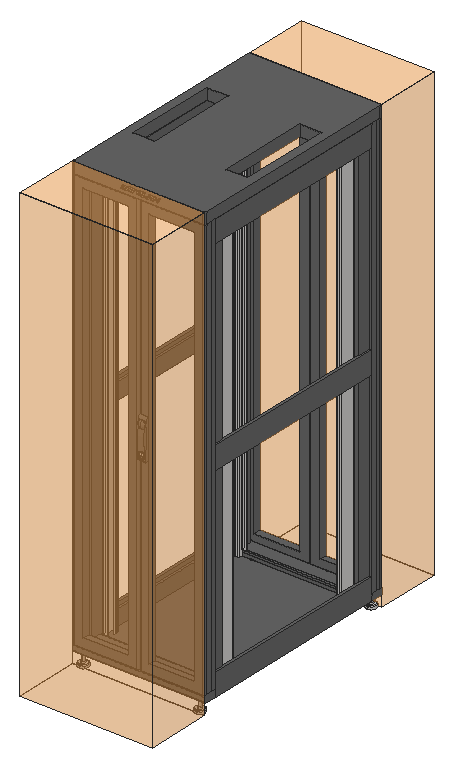
Revit family "Eurolan_Шкафы Rackcenter D9000", category Электрооборудование, Revit 2019 (continued)
Definition of nested family "in_Дверь_перфорированная_двойная"
  Definition of nested family "in_Дверь_Соты_600"
    Automatic sketch dimensions
      curve 674 to curve 688 = 0.000 mm
      curve 557 to curve 556 = 8.660 mm
      curve 653 to curve 652 = 8.660 mm
      curve 637 to curve 652 = 0.000 mm
      curve 602 to curve 602 = 8.660 mm
      curve 641 to curve 625 = 0.000 mm
      curve 545 to curve 545 = 8.660 mm
      curve 604 to curve 589 = 0.000 mm
      curve 542 to curve 556 = 0.000 mm
      curve 554 to curve 553 = 8.660 mm
      curve 569 to curve 553 = 0.000 mm
      curve 617 to curve 601 = 0.000 mm
      curve 566 to curve 580 = 0.000 mm
      curve 614 to curve 628 = 0.000 mm
      curve 640 to curve 645 = 0.866 mm
      curve 556 to curve 564 = 0.866 mm
      curve 604 to curve 612 = 0.866 mm
      curve 652 to curve 657 = 0.866 mm
      curve 676 to curve 663 = 0.866 mm
      curve 568 to curve 573 = 0.866 mm
      curve 628 to curve 633 = 0.866 mm
      curve 685 to curve 696 = 0.866 mm  (x2)
      curve 544 to curve 552 = 0.866 mm
      curve 592 to curve 600 = 0.866 mm
      curve 601 to curve 621 = 0.866 mm
      curve 580 to curve 585 = 0.866 mm
      curve 688 to curve 684 = 0.866 mm
      curve 592 to curve 592 = 4.330 mm
      curve 676 to curve 676 = 4.330 mm
      curve 628 to curve 625 = 4.330 mm
      curve 652 to curve 649 = 4.330 mm
      curve 688 to curve 685 = 4.330 mm
      curve 577 to curve 580 = 4.330 mm
      curve 604 to curve 601 = 4.330 mm
      curve 544 to curve 544 = 4.330 mm
      curve 556 to curve 553 = 4.330 mm
      curve 640 to curve 640 = 4.330 mm
      curve 613 to curve 616 = 4.330 mm
      curve 565 to curve 568 = 4.330 mm
      curve 613 to curve 636 = 0.866 mm
      curve 541 to curve 564 = 0.866 mm
      curve 565 to curve 572 = 0.866 mm
      curve 625 to curve 633 = 0.866 mm
      curve 553 to curve 575 = 0.866 mm
      curve 693 to curve 693 = 4.330 mm
      curve 637 to curve 644 = 0.866 mm
      curve 601 to curve 624 = 0.866 mm
      curve 577 to curve 584 = 0.866 mm
      curve 647 to curve 632 = 0.000 mm
      curve 587 to curve 572 = 0.000 mm
      curve 673 to curve 684 = 0.866 mm
      curve 621 to curve 635 = 0.000 mm
      curve 685 to curve 681 = 0.866 mm
      curve 541 to curve 548 = 0.866 mm
      curve 553 to curve 561 = 0.866 mm
      curve 589 to curve 612 = 0.866 mm
      curve 589 to curve 596 = 0.866 mm
      curve 577 to curve 599 = 0.866 mm
      curve 649 to curve 656 = 0.866 mm
      curve 549 to curve 551 = 4.330 mm
      curve 659 to curve 644 = 0.000 mm
      curve 608 to curve 623 = 0.000 mm
      curve 666 to curve 656 = 0.000 mm
      curve 673 to curve 662 = 0.866 mm
      curve 620 to curve 620 = 8.660 mm
      curve 665 to curve 664 = 8.660 mm
      curve 572 to curve 571 = 8.660 mm
      curve 662 to curve 662 = 8.660 mm
      curve 608 to curve 608 = 8.660 mm
      curve 634 to curve 619 = 0.000 mm
      curve 611 to curve 610 = 8.660 mm
      curve 659 to curve 659 = 8.660 mm
      curve 632 to curve 632 = 8.660 mm
      curve 551 to curve 551 = 8.660 mm
      curve 575 to curve 574 = 8.660 mm
      curve 656 to curve 664 = 0.000 mm
      curve 599 to curve 599 = 8.660 mm
      curve 596 to curve 610 = 0.000 mm
      curve 695 to curve 695 = 8.660 mm
      curve 560 to curve 574 = 0.000 mm
      curve 643 to curve 658 = 0.000 mm
      curve 679 to curve 694 = 0.000 mm
      curve 563 to curve 562 = 8.660 mm
      curve 692 to curve 692 = 8.660 mm
      curve 682 to curve 661 = 0.000 mm
      curve 622 to curve 607 = 0.000 mm
      curve 587 to curve 571 = 0.000 mm
      curve 547 to curve 562 = 0.000 mm
      curve 647 to curve 631 = 0.000 mm
      curve 584 to curve 598 = 0.000 mm
      curve 583 to curve 586 = 4.330 mm
      curve 619 to curve 622 = 4.330 mm
      curve 691 to curve 691 = 4.330 mm
      curve 661 to curve 664 = 4.330 mm
      curve 679 to curve 682 = 4.330 mm
      curve 646 to curve 646 = 4.330 mm
      curve 562 to curve 562 = 4.330 mm
      curve 595 to curve 595 = 4.330 mm
      curve 634 to curve 631 = 4.330 mm
      curve 550 to curve 547 = 4.330 mm
      curve 658 to curve 655 = 4.330 mm
      curve 571 to curve 574 = 4.330 mm
      curve 607 to curve 607 = 4.330 mm
      curve 570 to curve 487 = 0.500 mm
      curve 487 to curve 554 = 0.866 mm
      curve 487 to curve 570 = 0.866 mm
      curve 464 to curve 469 = 0.000 mm
      curve 470 to curve 471 = 7.500 mm
      curve 469 to curve 472 = 7.500 mm  (x2)
      curve 463 to curve 463 = 7.500 mm
      curve 464 to curve 468 = 7.500 mm
      curve 465 to curve 458 = 0.500 mm
      curve 463 to curve 466 = 7.500 mm
      curve 467 to curve 460 = 0.500 mm
      curve 472 to curve 462 = 0.500 mm
      curve 459 to curve 440 = 0.500 mm
      curve 466 to curve 451 = 1.000 mm
      curve 457 to curve 461 = 7.500 mm
      curve 451 to curve 454 = 7.500 mm
      curve 461 to curve 439 = 0.500 mm
      curve 440 to curve 441 = 7.500 mm
      curve 460 to curve 456 = 0.500 mm
      curve 460 to curve 445 = 1.000 mm
      curve 439 to curve 442 = 7.500 mm
      curve 451 to curve 455 = 7.500 mm
      curve 455 to curve 448 = 0.500 mm
      curve 442 to curve 450 = 0.500 mm
      curve 443 to curve 309 = 1.000 mm
      curve 445 to curve 435 = 0.500 mm
      curve 447 to curve 449 = 7.500 mm
      curve 433 to curve 433 = 7.500 mm
      curve 448 to curve 438 = 0.500 mm
      curve 308 to curve 309 = 7.500 mm
      curve 449 to curve 310 = 0.500 mm
      curve 435 to curve 421 = 0.500 mm
      curve 435 to curve 437 = 7.500 mm
      curve 309 to curve 312 = 7.500 mm
      curve 437 to curve 424 = 0.500 mm
      curve 310 to curve 423 = 0.500 mm
      curve 436 to curve 427 = 1.000 mm
      curve 311 to curve 303 = 1.000 mm
      curve 421 to curve 424 = 7.500 mm
      curve 427 to curve 430 = 7.500 mm
      curve 302 to curve 306 = 7.500 mm
      curve 425 to curve 304 = 0.500 mm
      curve 424 to curve 429 = 0.500 mm
      curve 424 to curve 410 = 1.000 mm
      curve 427 to curve 431 = 7.500 mm
      curve 303 to curve 306 = 7.500 mm
      curve 431 to curve 409 = 0.500 mm
      curve 304 to curve 414 = 0.500 mm
      curve 305 to curve 297 = 1.000 mm
      curve 431 to curve 417 = 1.000 mm
      curve 411 to curve 414 = 7.500 mm
      curve 296 to curve 300 = 7.500 mm
      curve 415 to curve 418 = 7.500 mm
      curve 412 to curve 420 = 0.500 mm
      curve 413 to curve 298 = 0.500 mm
      curve 295 to curve 399 = 0.500 mm
      curve 417 to curve 419 = 7.500 mm
      curve 295 to curve 298 = 7.500 mm
      curve 419 to curve 397 = 0.500 mm
      curve 298 to curve 399 = 0.500 mm
      curve 419 to curve 405 = 1.000 mm
      curve 299 to curve 291 = 1.000 mm
      curve 397 to curve 401 = 7.500 mm
      curve 400 to curve 408 = 0.500 mm
      curve 290 to curve 294 = 7.500 mm
      curve 401 to curve 289 = 0.500 mm
      curve 403 to curve 406 = 7.500 mm  (x2)
      curve 289 to curve 387 = 0.500 mm
      curve 289 to curve 292 = 7.500 mm
      curve 407 to curve 388 = 0.500 mm
      curve 292 to curve 387 = 0.500 mm
      curve 387 to curve 283 = 0.500 mm
      curve 406 to curve 391 = 1.000 mm
      curve 387 to curve 389 = 7.500 mm
      curve 284 to curve 285 = 7.500 mm
      curve 389 to curve 283 = 0.500 mm
      curve 391 to curve 394 = 7.500 mm
      curve 388 to curve 393 = 0.500 mm
      curve 283 to curve 374 = 0.500 mm
      curve 393 to curve 396 = 7.500 mm
      curve 285 to curve 287 = 7.500 mm
      curve 286 to curve 375 = 0.500 mm
      curve 395 to curve 373 = 0.500 mm
      curve 395 to curve 380 = 1.000 mm
      curve 287 to curve 279 = 1.000 mm
      curve 373 to curve 377 = 7.500 mm
      curve 377 to curve 277 = 0.500 mm
      curve 278 to curve 282 = 7.500 mm
      curve 376 to curve 384 = 0.500 mm
      curve 379 to curve 382 = 7.500 mm
      curve 376 to curve 362 = 1.000 mm
      curve 381 to curve 383 = 7.500 mm
      curve 277 to curve 281 = 7.500 mm
      curve 383 to curve 364 = 0.500 mm
      curve 280 to curve 366 = 0.500 mm
      curve 281 to curve 272 = 1.000 mm
      curve 382 to curve 368 = 1.000 mm
      curve 361 to curve 364 = 7.500 mm
      curve 367 to curve 367 = 7.500 mm
      curve 364 to curve 369 = 0.500 mm
      curve 272 to curve 273 = 7.500 mm
      curve 365 to curve 271 = 0.500 mm
      curve 271 to curve 351 = 0.500 mm
      curve 271 to curve 275 = 7.500 mm
      curve 367 to curve 370 = 7.500 mm
      curve 371 to curve 352 = 0.500 mm
      curve 274 to curve 354 = 0.500 mm
      curve 370 to curve 355 = 1.000 mm
      curve 351 to curve 265 = 0.500 mm
      curve 349 to curve 353 = 7.500 mm
      curve 355 to curve 355 = 7.500 mm
      curve 266 to curve 270 = 7.500 mm
      curve 352 to curve 360 = 0.500 mm
      curve 353 to curve 265 = 0.500 mm
      curve 352 to curve 337 = 1.000 mm
      curve 265 to curve 269 = 7.500 mm
      curve 355 to curve 359 = 7.500 mm
      curve 359 to curve 340 = 0.500 mm
      curve 268 to curve 339 = 0.500 mm
      curve 339 to curve 260 = 0.500 mm
      curve 337 to curve 345 = 0.500 mm
      curve 337 to curve 341 = 7.500 mm
      curve 340 to curve 345 = 0.500 mm
      curve 260 to curve 264 = 7.500 mm
      curve 343 to curve 346 = 7.500 mm
      curve 341 to curve 326 = 1.000 mm
      curve 261 to curve 264 = 7.500 mm
      curve 345 to curve 348 = 7.500 mm
      curve 262 to curve 330 = 0.500 mm
      curve 347 to curve 328 = 0.500 mm
      curve 325 to curve 333 = 0.500 mm
      curve 263 to curve 255 = 1.000 mm
      curve 325 to curve 328 = 7.500 mm
      curve 329 to curve 256 = 0.500 mm
      curve 254 to curve 255 = 7.500 mm
      curve 328 to curve 333 = 0.500 mm
      curve 331 to curve 334 = 7.500 mm
      curve 253 to curve 314 = 0.500 mm
      curve 255 to curve 257 = 7.500 mm
      curve 333 to curve 336 = 7.500 mm
      curve 335 to curve 316 = 0.500 mm
      curve 256 to curve 315 = 0.500 mm
      curve 315 to curve 248 = 0.500 mm
      curve 334 to curve 319 = 1.000 mm
      curve 313 to curve 316 = 7.500 mm
      curve 319 to curve 322 = 7.500 mm  (x2)
      curve 316 to curve 321 = 0.500 mm
      curve 248 to curve 249 = 7.500 mm
      curve 317 to curve 247 = 0.500 mm
      curve 249 to curve 251 = 7.500 mm
      curve 282 to curve 285 = 0.000 mm
      curve 444 to curve 285 = 0.000 mm
      curve 291 to curve 285 = 0.000 mm
      curve 249 to curve 279 = 0.000 mm
      curve 276 to curve 279 = 0.000 mm
      curve 297 to curve 291 = 0.000 mm
      curve 471 to curve 441 = 0.000 mm
      curve 270 to curve 273 = 0.000 mm
      curve 303 to curve 297 = 0.000 mm
      curve 255 to curve 249 = 0.000 mm
      curve 264 to curve 255 = 0.000 mm
      curve 309 to curve 441 = 0.000 mm
      curve 441 to curve 440 = 4.330 mm
      curve 261 to curve 260 = 4.330 mm
      curve 255 to curve 258 = 4.330 mm
      curve 309 to curve 309 = 4.330 mm
      curve 261 to curve 263 = 4.330 mm
      curve 309 to curve 312 = 4.330 mm
      curve 303 to curve 306 = 4.330 mm
      curve 473 to curve 440 = 0.000 mm
      curve 267 to curve 266 = 4.330 mm
      curve 255 to curve 263 = 0.000 mm
      curve 303 to curve 311 = 0.000 mm
      curve 269 to curve 260 = 0.000 mm
      curve 471 to curve 471 = 4.330 mm
      curve 297 to curve 300 = 4.330 mm
      curve 249 to curve 252 = 4.330 mm
      curve 273 to curve 272 = 4.330 mm
      curve 297 to curve 305 = 0.000 mm
      curve 275 to curve 266 = 0.000 mm
      curve 291 to curve 294 = 4.330 mm
      curve 444 to curve 308 = 0.000 mm
      curve 279 to curve 278 = 4.330 mm
      curve 249 to curve 257 = 0.000 mm
      curve 291 to curve 299 = 0.000 mm
      curve 281 to curve 272 = 0.000 mm
      curve 288 to curve 278 = 0.000 mm
      curve 284 to curve 293 = 0.000 mm
      curve 305 to curve 305 = 8.660 mm
      curve 287 to curve 286 = 8.660 mm
      curve 284 to curve 284 = 8.660 mm
      curve 443 to curve 443 = 8.660 mm
      curve 248 to curve 247 = 8.660 mm
      curve 290 to curve 289 = 8.660 mm
      curve 281 to curve 281 = 8.660 mm
      curve 251 to curve 250 = 8.660 mm
      curve 292 to curve 283 = 0.000 mm
      curve 278 to curve 286 = 0.000 mm
      curve 470 to curve 469 = 8.660 mm
      curve 295 to curve 304 = 0.000 mm
      curve 275 to curve 275 = 8.660 mm
      curve 254 to curve 253 = 8.660 mm
      curve 298 to curve 289 = 0.000 mm
      curve 272 to curve 280 = 0.000 mm
      curve 473 to curve 472 = 8.660 mm
      curve 302 to curve 301 = 8.660 mm
      curve 269 to curve 269 = 8.660 mm
      curve 439 to curve 472 = 0.000 mm
      curve 266 to curve 274 = 0.000 mm
      curve 256 to curve 247 = 0.000 mm
      curve 307 to curve 442 = 0.000 mm
      curve 263 to curve 253 = 0.000 mm
      curve 260 to curve 268 = 0.000 mm
      curve 310 to curve 301 = 0.000 mm
      curve 271 to curve 363 = 0.866 mm
      curve 277 to curve 375 = 0.866 mm
      curve 265 to curve 354 = 0.866 mm
      curve 253 to curve 327 = 0.866 mm
      curve 247 to curve 315 = 0.866 mm
      curve 283 to curve 387 = 0.866 mm
      curve 301 to curve 426 = 0.866 mm
      curve 289 to curve 399 = 0.866 mm
      curve 259 to curve 339 = 0.866 mm
      curve 439 to curve 462 = 0.866 mm  (x2)
      curve 307 to curve 450 = 0.866 mm
      curve 295 to curve 414 = 0.866 mm  (x2)
      curve 469 to curve 469 = 4.330 mm
      curve 310 to curve 310 = 4.330 mm
      curve 304 to curve 304 = 4.330 mm
      curve 439 to curve 439 = 4.330 mm
      curve 298 to curve 298 = 4.330 mm
      curve 289 to curve 289 = 4.330 mm
      curve 283 to curve 286 = 4.330 mm
      curve 277 to curve 280 = 4.330 mm
      curve 274 to curve 274 = 4.330 mm
      curve 265 to curve 268 = 4.330 mm
      curve 250 to curve 247 = 4.330 mm
      curve 253 to curve 256 = 4.330 mm
      curve 289 to curve 386 = 0.866 mm
      curve 301 to curve 425 = 0.866 mm
      curve 265 to curve 338 = 0.866 mm
      curve 301 to curve 410 = 0.866 mm
      curve 327 to curve 327 = 4.330 mm
      curve 253 to curve 329 = 0.866 mm
      curve 277 to curve 378 = 0.866 mm
      curve 283 to curve 389 = 0.866 mm
      curve 253 to curve 314 = 0.866 mm
      curve 283 to curve 375 = 0.866 mm
      curve 247 to curve 317 = 0.866 mm
      curve 307 to curve 423 = 0.866 mm
      curve 439 to curve 446 = 0.866 mm
      curve 271 to curve 350 = 0.866 mm
      curve 289 to curve 402 = 0.866 mm
      curve 271 to curve 366 = 0.866 mm
      curve 265 to curve 353 = 0.866 mm
      curve 307 to curve 449 = 0.866 mm
      curve 277 to curve 363 = 0.866 mm
      curve 469 to curve 459 = 0.866 mm
      curve 295 to curve 398 = 0.866 mm
      curve 401 to curve 400 = 8.660 mm
      curve 362 to curve 361 = 8.660 mm
      curve 458 to curve 457 = 8.660 mm
      curve 398 to curve 398 = 8.660 mm
      curve 365 to curve 364 = 8.660 mm
      curve 461 to curve 460 = 8.660 mm
      curve 353 to curve 353 = 8.660 mm
      curve 449 to curve 449 = 8.660 mm
      curve 421 to curve 448 = 0.000 mm
      curve 350 to curve 364 = 0.000 mm
      curve 446 to curve 460 = 0.000 mm
      curve 329 to curve 328 = 8.660 mm
      curve 425 to curve 424 = 8.660 mm
      curve 409 to curve 424 = 0.000 mm
      curve 374 to curve 374 = 8.660 mm
      curve 413 to curve 397 = 0.000 mm
      curve 317 to curve 317 = 8.660 mm
      curve 376 to curve 361 = 0.000 mm
      curve 314 to curve 328 = 0.000 mm
      curve 326 to curve 325 = 8.660 mm
      curve 341 to curve 325 = 0.000 mm
      curve 389 to curve 373 = 0.000 mm
      curve 338 to curve 352 = 0.000 mm
      curve 386 to curve 400 = 0.000 mm
      curve 412 to curve 417 = 0.866 mm
      curve 328 to curve 336 = 0.866 mm
      curve 376 to curve 384 = 0.866 mm
      curve 424 to curve 429 = 0.866 mm
      curve 448 to curve 435 = 0.866 mm
      curve 340 to curve 345 = 0.866 mm
      curve 400 to curve 405 = 0.866 mm
      curve 457 to curve 468 = 0.866 mm  (x2)
      curve 316 to curve 324 = 0.866 mm
      curve 364 to curve 372 = 0.866 mm
      curve 373 to curve 393 = 0.866 mm
      curve 352 to curve 357 = 0.866 mm
      curve 460 to curve 456 = 0.866 mm
      curve 364 to curve 364 = 4.330 mm
      curve 448 to curve 448 = 4.330 mm
      curve 400 to curve 397 = 4.330 mm
      curve 424 to curve 421 = 4.330 mm
      curve 460 to curve 457 = 4.330 mm
      curve 349 to curve 352 = 4.330 mm
      curve 376 to curve 373 = 4.330 mm
      curve 316 to curve 316 = 4.330 mm
      curve 328 to curve 325 = 4.330 mm
      curve 412 to curve 412 = 4.330 mm
      curve 385 to curve 388 = 4.330 mm
      curve 337 to curve 340 = 4.330 mm
      curve 385 to curve 408 = 0.866 mm
      curve 313 to curve 336 = 0.866 mm
      curve 337 to curve 344 = 0.866 mm
      curve 397 to curve 405 = 0.866 mm
      curve 325 to curve 347 = 0.866 mm
      curve 465 to curve 465 = 4.330 mm
      curve 409 to curve 416 = 0.866 mm
      curve 373 to curve 396 = 0.866 mm
      curve 349 to curve 356 = 0.866 mm
      curve 419 to curve 404 = 0.000 mm
      curve 359 to curve 344 = 0.000 mm
      curve 445 to curve 456 = 0.866 mm
      curve 393 to curve 407 = 0.000 mm
      curve 457 to curve 453 = 0.866 mm
      curve 313 to curve 320 = 0.866 mm
      curve 325 to curve 333 = 0.866 mm
      curve 361 to curve 384 = 0.866 mm
      curve 361 to curve 368 = 0.866 mm
      curve 349 to curve 371 = 0.866 mm
      curve 421 to curve 428 = 0.866 mm
      curve 321 to curve 323 = 4.330 mm
      curve 431 to curve 416 = 0.000 mm
      curve 380 to curve 395 = 0.000 mm
      curve 438 to curve 428 = 0.000 mm
      curve 445 to curve 434 = 0.866 mm
      curve 392 to curve 392 = 8.660 mm
      curve 437 to curve 436 = 8.660 mm
      curve 344 to curve 343 = 8.660 mm
      curve 434 to curve 434 = 8.660 mm
      curve 380 to curve 380 = 8.660 mm
      curve 406 to curve 391 = 0.000 mm
      curve 383 to curve 382 = 8.660 mm
      curve 431 to curve 431 = 8.660 mm
      curve 404 to curve 404 = 8.660 mm
      curve 323 to curve 323 = 8.660 mm
      curve 347 to curve 346 = 8.660 mm
      curve 428 to curve 436 = 0.000 mm
      curve 371 to curve 371 = 8.660 mm
      curve 368 to curve 382 = 0.000 mm
      curve 467 to curve 467 = 8.660 mm
      curve 332 to curve 346 = 0.000 mm
      curve 415 to curve 430 = 0.000 mm
      curve 451 to curve 466 = 0.000 mm
      curve 335 to curve 334 = 8.660 mm
      curve 464 to curve 464 = 8.660 mm
      curve 454 to curve 433 = 0.000 mm
      curve 394 to curve 379 = 0.000 mm
      curve 359 to curve 343 = 0.000 mm
      curve 319 to curve 334 = 0.000 mm
      curve 419 to curve 403 = 0.000 mm
      curve 356 to curve 370 = 0.000 mm
      curve 355 to curve 358 = 4.330 mm
      curve 391 to curve 394 = 4.330 mm
      curve 463 to curve 463 = 4.330 mm
      curve 433 to curve 436 = 4.330 mm
      curve 451 to curve 454 = 4.330 mm
      curve 418 to curve 418 = 4.330 mm
      curve 334 to curve 334 = 4.330 mm
      curve 367 to curve 367 = 4.330 mm
      curve 406 to curve 403 = 4.330 mm
      curve 322 to curve 319 = 4.330 mm
      curve 430 to curve 427 = 4.330 mm
      curve 343 to curve 346 = 4.330 mm
      curve 379 to curve 379 = 4.330 mm
      curve 342 to curve 259 = 0.500 mm
      curve 259 to curve 326 = 0.866 mm
      curve 259 to curve 342 = 0.866 mm
      curve 703 to curve 703 = 207.000 mm
      curve 704 to curve 704 = 207.000 mm
Definition of nested family "GM_in_Комплект_НомераЮнитов_1-47"
  Parameters (values of type "GM_in_Комплект_НомераЮнитов_1-47")
    Смещение от пола = 51.000 mm
    ADSK_Размер_Ширина [instance] = 600.000 mm
    ADSK_Размер_Высота [instance] = 2277.000 mm
    ADSK_Материал = none
    47U = yes
  Reference planes
    plane 1 "По центру (Вперед/Назад)": y = 0
    plane 2: z = 0
    plane 3 "По центру (Влево/Вправо)": x = 0
    plane 4: z = 95
    plane 5: y = 400
    plane 6: y = -400
    plane 7: x = -15.4
  Lines and regions (mm)
    model lines
      curve 1: line (-40, -250, 95) -> (0, -250, 95)
      curve 2: line (4.501, -250, 95) -> (4.501, -250, 139.45)
      curve 3: line (4.501, -250, 139.45) -> (-40, -250, 139.45)
      curve 4: line (4.501, -250, 139.45) -> (4.501, -250, 183.9)
      curve 5: line (4.501, -250, 183.9) -> (-40, -250, 183.9)
      curve 6: line (0, -250, 95) -> (461, -250, 95)
      curve 7: line (456.499, -250, 139.45) -> (501, -250, 139.45)
      curve 8: line (456.499, -250, 139.45) -> (456.499, -250, 183.9)
      curve 9: line (456.499, -250, 183.9) -> (501, -250, 183.9)
      curve 10: line (461, -250, 95) -> (501, -250, 95)
      curve 11: line (456.499, -250, 95) -> (456.499, -250, 139.45)
      curve 12: line (4.501, -250, 183.9) -> (4.501, -250, 228.35)
      curve 13: line (4.501, -250, 228.35) -> (-40, -250, 228.35)
      curve 14: line (456.499, -250, 183.9) -> (456.499, -250, 228.35)
      curve 15: line (456.499, -250, 228.35) -> (501, -250, 228.35)
      curve 16: line (4.501, -250, 228.35) -> (4.501, -250, 272.8)
      curve 17: line (4.501, -250, 272.8) -> (-40, -250, 272.8)
      curve 18: line (456.499, -250, 228.35) -> (456.499, -250, 272.8)
      curve 19: line (456.499, -250, 272.8) -> (501, -250, 272.8)
      curve 20: line (4.501, -250, 272.8) -> (4.501, -250, 317.25)
      curve 21: line (4.501, -250, 317.25) -> (-40, -250, 317.25)
      curve 22: line (456.499, -250, 272.8) -> (456.499, -250, 317.25)
      curve 23: line (456.499, -250, 317.25) -> (501, -250, 317.25)
      curve 24: line (4.501, -250, 317.25) -> (4.501, -250, 361.7)
      curve 25: line (4.501, -250, 361.7) -> (-40, -250, 361.7)
      curve 26: line (456.499, -250, 317.25) -> (456.499, -250, 361.7)
      curve 27: line (456.499, -250, 361.7) -> (501, -250, 361.7)
      curve 28: line (4.501, -250, 361.7) -> (4.501, -250, 406.15)
      curve 29: line (4.501, -250, 406.15) -> (-40, -250, 406.15)
      curve 30: line (456.499, -250, 361.7) -> (456.499, -250, 406.15)
      curve 31: line (456.499, -250, 406.15) -> (501, -250, 406.15)
      curve 32: line (4.501, -250, 406.15) -> (4.501, -250, 450.6)
      curve 33: line (4.501, -250, 450.6) -> (-40, -250, 450.6)
      curve 34: line (456.499, -250, 406.15) -> (456.499, -250, 450.6)
      curve 35: line (456.499, -250, 450.6) -> (501, -250, 450.6)
      curve 36: line (4.501, -250, 450.6) -> (4.501, -250, 495.05)
      curve 37: line (4.501, -250, 495.05) -> (-40, -250, 495.05)
      curve 38: line (456.499, -250, 450.6) -> (456.499, -250, 495.05)
      curve 39: line (456.499, -250, 495.05) -> (501, -250, 495.05)
      curve 40: line (4.501, -250, 495.05) -> (4.501, -250, 539.5)
      curve 41: line (4.501, -250, 539.5) -> (-40, -250, 539.5)
      curve 42: line (456.499, -250, 495.05) -> (456.499, -250, 539.5)
      curve 43: line (456.499, -250, 539.5) -> (501, -250, 539.5)
      curve 44: line (4.501, -250, 539.5) -> (4.501, -250, 583.95)
      curve 45: line (4.501, -250, 583.95) -> (-40, -250, 583.95)
      curve 46: line (456.499, -250, 539.5) -> (456.499, -250, 583.95)
      curve 47: line (456.499, -250, 583.95) -> (501, -250, 583.95)
      curve 48: line (4.501, -250, 583.95) -> (4.501, -250, 628.4)
      curve 49: line (4.501, -250, 628.4) -> (-40, -250, 628.4)
      curve 50: line (456.499, -250, 583.95) -> (456.499, -250, 628.4)
      curve 51: line (456.499, -250, 628.4) -> (501, -250, 628.4)
      curve 52: line (4.501, -250, 628.4) -> (4.501, -250, 672.85)
      curve 53: line (4.501, -250, 672.85) -> (-40, -250, 672.85)
      curve 54: line (456.499, -250, 628.4) -> (456.499, -250, 672.85)
      curve 55: line (456.499, -250, 672.85) -> (501, -250, 672.85)
      curve 56: line (4.501, -250, 672.85) -> (4.501, -250, 717.3)
      curve 57: line (4.501, -250, 717.3) -> (-40, -250, 717.3)
      curve 58: line (456.499, -250, 672.85) -> (456.499, -250, 717.3)
      curve 59: line (456.499, -250, 717.3) -> (501, -250, 717.3)
      curve 60: line (4.501, -250, 717.3) -> (4.501, -250, 761.75)
      curve 61: line (4.501, -250, 761.75) -> (-40, -250, 761.75)
      curve 62: line (456.499, -250, 717.3) -> (456.499, -250, 761.75)
      curve 63: line (456.499, -250, 761.75) -> (501, -250, 761.75)
      curve 64: line (4.501, -250, 761.75) -> (4.501, -250, 806.2)
      curve 65: line (4.501, -250, 806.2) -> (-40, -250, 806.2)
      curve 66: line (456.499, -250, 761.75) -> (456.499, -250, 806.2)
      curve 67: line (456.499, -250, 806.2) -> (501, -250, 806.2)
      curve 68: line (4.501, -250, 806.2) -> (4.501, -250, 850.65)
      curve 69: line (4.501, -250, 850.65) -> (-40, -250, 850.65)
      curve 70: line (456.499, -250, 806.2) -> (456.499, -250, 850.65)
      curve 71: line (456.499, -250, 850.65) -> (501, -250, 850.65)
      curve 72: line (4.501, -250, 850.65) -> (4.501, -250, 895.1)
      curve 73: line (4.501, -250, 895.1) -> (-40, -250, 895.1)
      curve 74: line (456.499, -250, 850.65) -> (456.499, -250, 895.1)
      curve 75: line (456.499, -250, 895.1) -> (501, -250, 895.1)
      curve 76: line (4.501, -250, 895.1) -> (4.501, -250, 939.55)
      curve 77: line (4.501, -250, 939.55) -> (-40, -250, 939.55)
      curve 78: line (456.499, -250, 895.1) -> (456.499, -250, 939.55)
      curve 79: line (456.499, -250, 939.55) -> (501, -250, 939.55)
      curve 80: line (4.501, -250, 939.55) -> (4.501, -250, 984)
      curve 81: line (4.501, -250, 984) -> (-40, -250, 984)
      curve 82: line (456.499, -250, 939.55) -> (456.499, -250, 984)
      curve 83: line (456.499, -250, 984) -> (501, -250, 984)
      curve 84: line (4.501, -250, 984) -> (4.501, -250, 1028.45)
      curve 85: line (4.501, -250, 1028.45) -> (-40, -250, 1028.45)
      curve 86: line (456.499, -250, 984) -> (456.499, -250, 1028.45)
      curve 87: line (456.499, -250, 1028.45) -> (501, -250, 1028.45)
      curve 88: line (4.501, -250, 1028.45) -> (4.501, -250, 1072.9)
      curve 89: line (4.501, -250, 1072.9) -> (-40, -250, 1072.9)
      curve 90: line (456.499, -250, 1028.45) -> (456.499, -250, 1072.9)
      curve 91: line (456.499, -250, 1072.9) -> (501, -250, 1072.9)
      curve 92: line (4.501, -250, 1072.9) -> (4.501, -250, 1117.35)
      curve 93: line (4.501, -250, 1117.35) -> (-40, -250, 1117.35)
      curve 94: line (456.499, -250, 1072.9) -> (456.499, -250, 1117.35)
      curve 95: line (456.499, -250, 1117.35) -> (501, -250, 1117.35)
      curve 96: line (4.501, -250, 1117.35) -> (4.501, -250, 1161.8)
      curve 97: line (4.501, -250, 1161.8) -> (-40, -250, 1161.8)
      curve 98: line (456.499, -250, 1117.35) -> (456.499, -250, 1161.8)
      curve 99: line (456.499, -250, 1161.8) -> (501, -250, 1161.8)
      curve 100: line (4.501, -250, 1161.8) -> (4.501, -250, 1206.25)
      curve 101: line (4.501, -250, 1206.25) -> (-40, -250, 1206.25)
      curve 102: line (456.499, -250, 1161.8) -> (456.499, -250, 1206.25)
      curve 103: line (456.499, -250, 1206.25) -> (501, -250, 1206.25)
      curve 104: line (4.501, -250, 1206.25) -> (4.501, -250, 1250.7)
      curve 105: line (4.501, -250, 1250.7) -> (-40, -250, 1250.7)
      curve 106: line (456.499, -250, 1206.25) -> (456.499, -250, 1250.7)
      curve 107: line (456.499, -250, 1250.7) -> (501, -250, 1250.7)
      curve 108: line (4.501, -250, 1250.7) -> (4.501, -250, 1295.15)
      curve 109: line (4.501, -250, 1295.15) -> (-40, -250, 1295.15)
      curve 110: line (456.499, -250, 1250.7) -> (456.499, -250, 1295.15)
      curve 111: line (456.499, -250, 1295.15) -> (501, -250, 1295.15)
      curve 112: line (4.501, -250, 1295.15) -> (4.501, -250, 1339.6)
      curve 113: line (4.501, -250, 1339.6) -> (-40, -250, 1339.6)
      curve 114: line (456.499, -250, 1295.15) -> (456.499, -250, 1339.6)
      curve 115: line (456.499, -250, 1339.6) -> (501, -250, 1339.6)
      curve 116: line (4.501, -250, 1339.6) -> (4.501, -250, 1384.05)
      curve 117: line (4.501, -250, 1384.05) -> (-40, -250, 1384.05)
      curve 118: line (456.499, -250, 1339.6) -> (456.499, -250, 1384.05)
      curve 119: line (456.499, -250, 1384.05) -> (501, -250, 1384.05)
      curve 120: line (4.501, -250, 1384.05) -> (4.501, -250, 1428.5)
      curve 121: line (4.501, -250, 1428.5) -> (-40, -250, 1428.5)
      curve 122: line (456.499, -250, 1384.05) -> (456.499, -250, 1428.5)
      curve 123: line (456.499, -250, 1428.5) -> (501, -250, 1428.5)
      curve 124: line (4.501, -250, 1428.5) -> (4.501, -250, 1472.95)
      curve 125: line (4.501, -250, 1472.95) -> (-40, -250, 1472.95)
      curve 126: line (456.499, -250, 1428.5) -> (456.499, -250, 1472.95)
      curve 127: line (456.499, -250, 1472.95) -> (501, -250, 1472.95)
      curve 128: line (4.501, -250, 1472.95) -> (4.501, -250, 1517.4)
      curve 129: line (4.501, -250, 1517.4) -> (-40, -250, 1517.4)
      curve 130: line (456.499, -250, 1472.95) -> (456.499, -250, 1517.4)
      curve 131: line (456.499, -250, 1517.4) -> (501, -250, 1517.4)
      curve 132: line (4.501, -250, 1517.4) -> (4.501, -250, 1561.85)
      curve 133: line (4.501, -250, 1561.85) -> (-40, -250, 1561.85)
      curve 134: line (456.499, -250, 1517.4) -> (456.499, -250, 1561.85)
      curve 135: line (456.499, -250, 1561.85) -> (501, -250, 1561.85)
      curve 136: line (4.501, -250, 1561.85) -> (4.501, -250, 1606.3)
      curve 137: line (4.501, -250, 1606.3) -> (-40, -250, 1606.3)
      curve 138: line (456.499, -250, 1561.85) -> (456.499, -250, 1606.3)
      curve 139: line (456.499, -250, 1606.3) -> (501, -250, 1606.3)
      curve 140: line (4.501, -250, 1606.3) -> (4.501, -250, 1650.75)
      curve 141: line (4.501, -250, 1650.75) -> (-40, -250, 1650.75)
      curve 142: line (456.499, -250, 1606.3) -> (456.499, -250, 1650.75)
      curve 143: line (456.499, -250, 1650.75) -> (501, -250, 1650.75)
      curve 144: line (4.501, -250, 1650.75) -> (4.501, -250, 1695.2)
      curve 145: line (4.501, -250, 1695.2) -> (-40, -250, 1695.2)
      curve 146: line (456.499, -250, 1650.75) -> (456.499, -250, 1695.2)
      curve 147: line (456.499, -250, 1695.2) -> (501, -250, 1695.2)
      curve 148: line (4.501, -250, 1695.2) -> (4.501, -250, 1739.65)
      curve 149: line (4.501, -250, 1739.65) -> (-40, -250, 1739.65)
      curve 150: line (456.499, -250, 1695.2) -> (456.499, -250, 1739.65)
      curve 151: line (456.499, -250, 1739.65) -> (501, -250, 1739.65)
      curve 152: line (4.501, -250, 1739.65) -> (4.501, -250, 1784.1)
      curve 153: line (4.501, -250, 1784.1) -> (-40, -250, 1784.1)
      curve 154: line (456.499, -250, 1739.65) -> (456.499, -250, 1784.1)
      curve 155: line (456.499, -250, 1784.1) -> (501, -250, 1784.1)
      curve 156: line (4.501, -250, 1784.1) -> (4.501, -250, 1828.55)
      curve 157: line (4.501, -250, 1828.55) -> (-40, -250, 1828.55)
      curve 158: line (456.499, -250, 1784.1) -> (456.499, -250, 1828.55)
      curve 159: line (456.499, -250, 1828.55) -> (501, -250, 1828.55)
      curve 160: line (4.501, -250, 1828.55) -> (4.501, -250, 1873)
      curve 161: line (4.501, -250, 1873) -> (-40, -250, 1873)
      curve 162: line (456.499, -250, 1828.55) -> (456.499, -250, 1873)
      curve 163: line (456.499, -250, 1873) -> (501, -250, 1873)
      curve 164: line (4.501, -250, 1873) -> (4.501, -250, 1917.45)
      curve 165: line (4.501, -250, 1917.45) -> (-40, -250, 1917.45)
      curve 166: line (456.499, -250, 1873) -> (456.499, -250, 1917.45)
      curve 167: line (456.499, -250, 1917.45) -> (501, -250, 1917.45)
      curve 168: line (4.501, -250, 1917.45) -> (4.501, -250, 1961.9)
      curve 169: line (4.501, -250, 1961.9) -> (-40, -250, 1961.9)
      curve 170: line (456.499, -250, 1917.45) -> (456.499, -250, 1961.9)
      curve 171: line (456.499, -250, 1961.9) -> (501, -250, 1961.9)
    model lines, visible <- "47U"
      curve 172: line (4.501, -250, 1961.9) -> (4.501, -250, 2006.35)
      curve 173: line (4.501, -250, 2006.35) -> (-40, -250, 2006.35)
      curve 174: line (456.499, -250, 1961.9) -> (456.499, -250, 2006.35)
      curve 175: line (456.499, -250, 2006.35) -> (501, -250, 2006.35)
      curve 176: line (4.501, -250, 2006.35) -> (4.501, -250, 2050.8)
      curve 177: line (4.501, -250, 2050.8) -> (-40, -250, 2050.8)
      curve 178: line (456.499, -250, 2006.35) -> (456.499, -250, 2050.8)
      curve 179: line (456.499, -250, 2050.8) -> (501, -250, 2050.8)
      curve 180: line (4.501, -250, 2050.8) -> (4.501, -250, 2095.25)
      curve 181: line (4.501, -250, 2095.25) -> (-40, -250, 2095.25)
      curve 182: line (456.499, -250, 2050.8) -> (456.499, -250, 2095.25)
      curve 183: line (456.499, -250, 2095.25) -> (501, -250, 2095.25)
      curve 184: line (4.501, -250, 2095.25) -> (4.501, -250, 2139.7)
      curve 185: line (4.501, -250, 2139.7) -> (-40, -250, 2139.7)
      curve 186: line (456.499, -250, 2095.25) -> (456.499, -250, 2139.7)
      curve 187: line (456.499, -250, 2139.7) -> (501, -250, 2139.7)
      curve 188: line (4.501, -250, 2139.7) -> (4.501, -250, 2184.15)
      curve 189: line (4.501, -250, 2184.15) -> (-40, -250, 2184.15)
      curve 190: line (456.499, -250, 2139.7) -> (456.499, -250, 2184.15)
      curve 191: line (456.499, -250, 2184.15) -> (501, -250, 2184.15)
      curve 192: line (4.501, -250, 2184.15) -> (4.501, -250, 2228.6)
      curve 193: line (4.501, -250, 2228.6) -> (-40, -250, 2228.6)
      curve 194: line (456.499, -250, 2184.15) -> (456.499, -250, 2228.6)
      curve 195: line (456.499, -250, 2228.6) -> (501, -250, 2228.6)
  Dimensions and locks
    plane 6 to plane 1 "По центру (Вперед/Назад)" to plane 5 = 400.000 mm, 400.000 mm
    locked: plane 4 to plane 2 at 95
    curve 3 to curve 1 = 44.450 mm
    plane 3 "По центру (Влево/Вправо)" to nested 1 = 2.500 mm
    locked: plane 3 "По центру (Влево/Вправо)" to plane 7 at 15.4
    nested 3 to nested 1 = 44.450 mm
    aligned and locked: level to plane 2
    aligned and locked: nested 2 to nested 1
    aligned and locked: plane 7 to nested 2
    aligned and locked: nested 4 to nested 3
    aligned and locked: nested 6 to nested 5
    aligned and locked: nested 8 to nested 7
    aligned and locked: nested 10 to nested 9
    aligned and locked: nested 12 to nested 11
    aligned and locked: nested 14 to nested 13
    aligned and locked: nested 16 to nested 15
    aligned and locked: nested 18 to nested 17
    aligned and locked: nested 20 to nested 19
    aligned and locked: nested 22 to nested 21
    aligned and locked: nested 24 to nested 23
    aligned and locked: nested 26 to nested 25
    aligned and locked: nested 28 to nested 27
    aligned and locked: nested 30 to nested 29
    aligned and locked: nested 32 to nested 31
    aligned and locked: nested 34 to nested 33
    aligned and locked: nested 36 to nested 35
    aligned and locked: nested 38 to nested 37
    aligned and locked: nested 40 to nested 39
    aligned and locked: nested 42 to nested 41
    aligned and locked: nested 44 to nested 43
    aligned and locked: nested 46 to nested 45
    aligned and locked: nested 48 to nested 47
    aligned and locked: nested 50 to nested 49
    aligned and locked: nested 52 to nested 51
    aligned and locked: nested 54 to nested 53
    aligned and locked: nested 56 to nested 55
    aligned and locked: nested 58 to nested 57
    aligned and locked: nested 60 to nested 59
    aligned and locked: nested 62 to nested 61
    aligned and locked: nested 64 to nested 63
    aligned and locked: nested 66 to nested 65
    aligned and locked: nested 68 to nested 67
    aligned and locked: nested 70 to nested 69
    aligned and locked: nested 72 to nested 71
    aligned and locked: nested 74 to nested 73
    aligned and locked: nested 76 to nested 75
    aligned and locked: nested 78 to nested 77
    aligned and locked: nested 80 to nested 79
    aligned and locked: nested 82 to nested 81
    aligned and locked: nested 84 to nested 83
    aligned and locked: nested 86 to nested 85
    aligned and locked: nested 88 to nested 87
    aligned and locked: nested 90 to nested 89
    aligned and locked: nested 92 to nested 91
    aligned and locked: nested 94 to nested 93
    aligned and locked: nested 96 to nested 95
  Nested families
    nested 1: "DC_K_ОтверстияОдинЮнит" at (-14.5, -250, 93.695) x (1, 0, 0) z (0, -1, 0), type "DC_K_ОтверстияОдинЮнит"
      with НомерЮнита 46, ВысотаШкафа 2258.000 mm, ВысотаОблМаскировки 53.000 mm, LVS_Позиция ""
    nested 2: "GM_in_Номер_Юнита" at (-15.4, -250, 117.225) x (1, 0, 0) z (0, -1, 0), type ""
      with номер_2значный no, НомерЮнита_Текст "1", dx_Текст 10.000 mm
    nested 3: "DC_K_ОтверстияОдинЮнит" at (-14.5, -250, 138.145) x (1, 0, 0) z (0, -1, 0), type "DC_K_ОтверстияОдинЮнит"
      with НомерЮнита 46, ВысотаШкафа 2258.000 mm, ВысотаОблМаскировки 53.000 mm, LVS_Позиция ""
    nested 4: "GM_in_Номер_Юнита" at (-15.4, -250, 161.675) x (1, 0, 0) z (0, -1, 0), type ""
      with номер_2значный no, НомерЮнита_Текст "2", dx_Текст 10.000 mm
    nested 5: "DC_K_ОтверстияОдинЮнит" at (-14.5, -250, 182.595) x (1, 0, 0) z (0, -1, 0), type "DC_K_ОтверстияОдинЮнит"
      with НомерЮнита 46, ВысотаШкафа 2258.000 mm, ВысотаОблМаскировки 53.000 mm, LVS_Позиция ""
    nested 6: "GM_in_Номер_Юнита" at (-15.4, -250, 206.125) x (1, 0, 0) z (0, -1, 0), type ""
      with номер_2значный no, НомерЮнита_Текст "3", dx_Текст 10.000 mm
    nested 7: "DC_K_ОтверстияОдинЮнит" at (-14.5, -250, 227.045) x (1, 0, 0) z (0, -1, 0), type "DC_K_ОтверстияОдинЮнит"
      with НомерЮнита 46, ВысотаШкафа 2258.000 mm, ВысотаОблМаскировки 53.000 mm, LVS_Позиция ""
    nested 8: "GM_in_Номер_Юнита" at (-15.4, -250, 250.575) x (1, 0, 0) z (0, -1, 0), type "GM_in_Номер_Юнита"
      with номер_2значный no, НомерЮнита_Текст "4", dx_Текст 10.000 mm
    nested 9: "DC_K_ОтверстияОдинЮнит" at (-14.5, -250, 271.495) x (1, 0, 0) z (0, -1, 0), type "DC_K_ОтверстияОдинЮнит"
      with НомерЮнита 46, ВысотаШкафа 2258.000 mm, ВысотаОблМаскировки 53.000 mm, LVS_Позиция ""
    nested 10: "GM_in_Номер_Юнита" at (-15.4, -250, 295.025) x (1, 0, 0) z (0, -1, 0), type ""
      with номер_2значный no, НомерЮнита_Текст "5", dx_Текст 10.000 mm
    nested 11: "DC_K_ОтверстияОдинЮнит" at (-14.5, -250, 315.945) x (1, 0, 0) z (0, -1, 0), type "DC_K_ОтверстияОдинЮнит"
      with НомерЮнита 46, ВысотаШкафа 2258.000 mm, ВысотаОблМаскировки 53.000 mm, LVS_Позиция ""
    nested 12: "GM_in_Номер_Юнита" at (-15.4, -250, 339.475) x (1, 0, 0) z (0, -1, 0), type ""
      with номер_2значный no, НомерЮнита_Текст "6", dx_Текст 10.000 mm
    nested 13: "DC_K_ОтверстияОдинЮнит" at (-14.5, -250, 360.395) x (1, 0, 0) z (0, -1, 0), type "DC_K_ОтверстияОдинЮнит"
      with НомерЮнита 46, ВысотаШкафа 2258.000 mm, ВысотаОблМаскировки 53.000 mm, LVS_Позиция ""
    nested 14: "GM_in_Номер_Юнита" at (-15.4, -250, 383.925) x (1, 0, 0) z (0, -1, 0), type ""
      with номер_2значный no, НомерЮнита_Текст "7", dx_Текст 10.000 mm
    nested 15: "DC_K_ОтверстияОдинЮнит" at (-14.5, -250, 404.845) x (1, 0, 0) z (0, -1, 0), type "DC_K_ОтверстияОдинЮнит"
      with НомерЮнита 46, ВысотаШкафа 2258.000 mm, ВысотаОблМаскировки 53.000 mm, LVS_Позиция ""
    nested 16: "GM_in_Номер_Юнита" at (-15.4, -250, 428.375) x (1, 0, 0) z (0, -1, 0), type ""
      with номер_2значный no, НомерЮнита_Текст "8", dx_Текст 10.000 mm
    nested 17: "DC_K_ОтверстияОдинЮнит" at (-14.5, -250, 449.295) x (1, 0, 0) z (0, -1, 0), type "DC_K_ОтверстияОдинЮнит"
      with НомерЮнита 46, ВысотаШкафа 2258.000 mm, ВысотаОблМаскировки 53.000 mm, LVS_Позиция ""
    nested 18: "GM_in_Номер_Юнита" at (-15.4, -250, 472.825) x (1, 0, 0) z (0, -1, 0), type ""
      with номер_2значный no, НомерЮнита_Текст "9", dx_Текст 10.000 mm
    nested 19: "DC_K_ОтверстияОдинЮнит" at (-14.5, -250, 493.745) x (1, 0, 0) z (0, -1, 0), type "DC_K_ОтверстияОдинЮнит"
      with НомерЮнита 46, ВысотаШкафа 2258.000 mm, ВысотаОблМаскировки 53.000 mm, LVS_Позиция ""
    nested 20: "GM_in_Номер_Юнита" at (-15.4, -250, 517.275) x (1, 0, 0) z (0, -1, 0), type ""
      with номер_2значный yes, НомерЮнита_Текст "10", dx_Текст 25.400 mm
    nested 21: "DC_K_ОтверстияОдинЮнит" at (-14.5, -250, 538.195) x (1, 0, 0) z (0, -1, 0), type "DC_K_ОтверстияОдинЮнит"
      with НомерЮнита 46, ВысотаШкафа 2258.000 mm, ВысотаОблМаскировки 53.000 mm, LVS_Позиция ""
    nested 22: "GM_in_Номер_Юнита" at (-15.4, -250, 561.725) x (1, 0, 0) z (0, -1, 0), type ""
      with номер_2значный yes, НомерЮнита_Текст "11", dx_Текст 25.400 mm
    nested 23: "DC_K_ОтверстияОдинЮнит" at (-14.5, -250, 582.645) x (1, 0, 0) z (0, -1, 0), type "DC_K_ОтверстияОдинЮнит"
      with НомерЮнита 46, ВысотаШкафа 2258.000 mm, ВысотаОблМаскировки 53.000 mm, LVS_Позиция ""
    nested 24: "GM_in_Номер_Юнита" at (-15.4, -250, 606.175) x (1, 0, 0) z (0, -1, 0), type ""
      with номер_2значный yes, НомерЮнита_Текст "12", dx_Текст 25.400 mm
    nested 25: "DC_K_ОтверстияОдинЮнит" at (-14.5, -250, 627.095) x (1, 0, 0) z (0, -1, 0), type "DC_K_ОтверстияОдинЮнит"
      with НомерЮнита 46, ВысотаШкафа 2258.000 mm, ВысотаОблМаскировки 53.000 mm, LVS_Позиция ""
    nested 26: "GM_in_Номер_Юнита" at (-15.4, -250, 650.625) x (1, 0, 0) z (0, -1, 0), type ""
      with номер_2значный yes, НомерЮнита_Текст "13", dx_Текст 25.400 mm
    nested 27: "DC_K_ОтверстияОдинЮнит" at (-14.5, -250, 671.545) x (1, 0, 0) z (0, -1, 0), type "DC_K_ОтверстияОдинЮнит"
      with НомерЮнита 46, ВысотаШкафа 2258.000 mm, ВысотаОблМаскировки 53.000 mm, LVS_Позиция ""
    nested 28: "GM_in_Номер_Юнита" at (-15.4, -250, 695.075) x (1, 0, 0) z (0, -1, 0), type ""
      with номер_2значный yes, НомерЮнита_Текст "14", dx_Текст 25.400 mm
    nested 29: "DC_K_ОтверстияОдинЮнит" at (-14.5, -250, 715.995) x (1, 0, 0) z (0, -1, 0), type "DC_K_ОтверстияОдинЮнит"
      with НомерЮнита 46, ВысотаШкафа 2258.000 mm, ВысотаОблМаскировки 53.000 mm, LVS_Позиция ""
    nested 30: "GM_in_Номер_Юнита" at (-15.4, -250, 739.525) x (1, 0, 0) z (0, -1, 0), type ""
      with номер_2значный yes, НомерЮнита_Текст "15", dx_Текст 25.400 mm
    nested 31: "DC_K_ОтверстияОдинЮнит" at (-14.5, -250, 760.445) x (1, 0, 0) z (0, -1, 0), type "DC_K_ОтверстияОдинЮнит"
      with НомерЮнита 46, ВысотаШкафа 2258.000 mm, ВысотаОблМаскировки 53.000 mm, LVS_Позиция ""
    nested 32: "GM_in_Номер_Юнита" at (-15.4, -250, 783.975) x (1, 0, 0) z (0, -1, 0), type ""
      with номер_2значный yes, НомерЮнита_Текст "16", dx_Текст 25.400 mm
    nested 33: "DC_K_ОтверстияОдинЮнит" at (-14.5, -250, 804.895) x (1, 0, 0) z (0, -1, 0), type "DC_K_ОтверстияОдинЮнит"
      with НомерЮнита 46, ВысотаШкафа 2258.000 mm, ВысотаОблМаскировки 53.000 mm, LVS_Позиция ""
    nested 34: "GM_in_Номер_Юнита" at (-15.4, -250, 828.425) x (1, 0, 0) z (0, -1, 0), type ""
      with номер_2значный yes, НомерЮнита_Текст "17", dx_Текст 25.400 mm
    nested 35: "DC_K_ОтверстияОдинЮнит" at (-14.5, -250, 849.345) x (1, 0, 0) z (0, -1, 0), type "DC_K_ОтверстияОдинЮнит"
      with НомерЮнита 46, ВысотаШкафа 2258.000 mm, ВысотаОблМаскировки 53.000 mm, LVS_Позиция ""
    nested 36: "GM_in_Номер_Юнита" at (-15.4, -250, 872.875) x (1, 0, 0) z (0, -1, 0), type ""
      with номер_2значный yes, НомерЮнита_Текст "18", dx_Текст 25.400 mm
    nested 37: "DC_K_ОтверстияОдинЮнит" at (-14.5, -250, 893.795) x (1, 0, 0) z (0, -1, 0), type "DC_K_ОтверстияОдинЮнит"
      with НомерЮнита 46, ВысотаШкафа 2258.000 mm, ВысотаОблМаскировки 53.000 mm, LVS_Позиция ""
    nested 38: "GM_in_Номер_Юнита" at (-15.4, -250, 917.325) x (1, 0, 0) z (0, -1, 0), type ""
      with номер_2значный yes, НомерЮнита_Текст "19", dx_Текст 25.400 mm
    nested 39: "DC_K_ОтверстияОдинЮнит" at (-14.5, -250, 938.245) x (1, 0, 0) z (0, -1, 0), type "DC_K_ОтверстияОдинЮнит"
      with НомерЮнита 46, ВысотаШкафа 2258.000 mm, ВысотаОблМаскировки 53.000 mm, LVS_Позиция ""
    nested 40: "GM_in_Номер_Юнита" at (-15.4, -250, 961.775) x (1, 0, 0) z (0, -1, 0), type ""
      with номер_2значный yes, НомерЮнита_Текст "20", dx_Текст 25.400 mm
    nested 41: "DC_K_ОтверстияОдинЮнит" at (-14.5, -250, 982.695) x (1, 0, 0) z (0, -1, 0), type "DC_K_ОтверстияОдинЮнит"
      with НомерЮнита 46, ВысотаШкафа 2258.000 mm, ВысотаОблМаскировки 53.000 mm, LVS_Позиция ""
    nested 42: "GM_in_Номер_Юнита" at (-15.4, -250, 1006.225) x (1, 0, 0) z (0, -1, 0), type ""
      with номер_2значный yes, НомерЮнита_Текст "21", dx_Текст 25.400 mm
    nested 43: "DC_K_ОтверстияОдинЮнит" at (-14.5, -250, 1027.145) x (1, 0, 0) z (0, -1, 0), type "DC_K_ОтверстияОдинЮнит"
      with НомерЮнита 46, ВысотаШкафа 2258.000 mm, ВысотаОблМаскировки 53.000 mm, LVS_Позиция ""
    nested 44: "GM_in_Номер_Юнита" at (-15.4, -250, 1050.675) x (1, 0, 0) z (0, -1, 0), type ""
      with номер_2значный yes, НомерЮнита_Текст "22", dx_Текст 25.400 mm
    nested 45: "DC_K_ОтверстияОдинЮнит" at (-14.5, -250, 1071.595) x (1, 0, 0) z (0, -1, 0), type "DC_K_ОтверстияОдинЮнит"
      with НомерЮнита 46, ВысотаШкафа 2258.000 mm, ВысотаОблМаскировки 53.000 mm, LVS_Позиция ""
    nested 46: "GM_in_Номер_Юнита" at (-15.4, -250, 1095.125) x (1, 0, 0) z (0, -1, 0), type ""
      with номер_2значный yes, НомерЮнита_Текст "23", dx_Текст 25.400 mm
    nested 47: "DC_K_ОтверстияОдинЮнит" at (-14.5, -250, 1116.045) x (1, 0, 0) z (0, -1, 0), type "DC_K_ОтверстияОдинЮнит"
      with НомерЮнита 46, ВысотаШкафа 2258.000 mm, ВысотаОблМаскировки 53.000 mm, LVS_Позиция ""
    nested 48: "GM_in_Номер_Юнита" at (-15.4, -250, 1139.575) x (1, 0, 0) z (0, -1, 0), type ""
      with номер_2значный yes, НомерЮнита_Текст "24", dx_Текст 25.400 mm
    nested 49: "DC_K_ОтверстияОдинЮнит" at (-14.5, -250, 1160.495) x (1, 0, 0) z (0, -1, 0), type "DC_K_ОтверстияОдинЮнит"
      with НомерЮнита 46, ВысотаШкафа 2258.000 mm, ВысотаОблМаскировки 53.000 mm, LVS_Позиция ""
    nested 50: "GM_in_Номер_Юнита" at (-15.4, -250, 1184.025) x (1, 0, 0) z (0, -1, 0), type ""
      with номер_2значный yes, НомерЮнита_Текст "25", dx_Текст 25.400 mm
    nested 51: "DC_K_ОтверстияОдинЮнит" at (-14.5, -250, 1204.945) x (1, 0, 0) z (0, -1, 0), type "DC_K_ОтверстияОдинЮнит"
      with НомерЮнита 46, ВысотаШкафа 2258.000 mm, ВысотаОблМаскировки 53.000 mm, LVS_Позиция ""
    nested 52: "GM_in_Номер_Юнита" at (-15.4, -250, 1228.475) x (1, 0, 0) z (0, -1, 0), type ""
      with номер_2значный yes, НомерЮнита_Текст "26", dx_Текст 25.400 mm
    nested 53: "DC_K_ОтверстияОдинЮнит" at (-14.5, -250, 1249.395) x (1, 0, 0) z (0, -1, 0), type "DC_K_ОтверстияОдинЮнит"
      with НомерЮнита 46, ВысотаШкафа 2258.000 mm, ВысотаОблМаскировки 53.000 mm, LVS_Позиция ""
    nested 54: "GM_in_Номер_Юнита" at (-15.4, -250, 1272.925) x (1, 0, 0) z (0, -1, 0), type ""
      with номер_2значный yes, НомерЮнита_Текст "27", dx_Текст 25.400 mm
    nested 55: "DC_K_ОтверстияОдинЮнит" at (-14.5, -250, 1293.845) x (1, 0, 0) z (0, -1, 0), type "DC_K_ОтверстияОдинЮнит"
      with НомерЮнита 46, ВысотаШкафа 2258.000 mm, ВысотаОблМаскировки 53.000 mm, LVS_Позиция ""
    nested 56: "GM_in_Номер_Юнита" at (-15.4, -250, 1317.375) x (1, 0, 0) z (0, -1, 0), type ""
      with номер_2значный yes, НомерЮнита_Текст "28", dx_Текст 25.400 mm
    nested 57: "DC_K_ОтверстияОдинЮнит" at (-14.5, -250, 1338.295) x (1, 0, 0) z (0, -1, 0), type "DC_K_ОтверстияОдинЮнит"
      with НомерЮнита 46, ВысотаШкафа 2258.000 mm, ВысотаОблМаскировки 53.000 mm, LVS_Позиция ""
    nested 58: "GM_in_Номер_Юнита" at (-15.4, -250, 1361.825) x (1, 0, 0) z (0, -1, 0), type ""
      with номер_2значный yes, НомерЮнита_Текст "29", dx_Текст 25.400 mm
    nested 59: "DC_K_ОтверстияОдинЮнит" at (-14.5, -250, 1382.745) x (1, 0, 0) z (0, -1, 0), type "DC_K_ОтверстияОдинЮнит"
      with НомерЮнита 46, ВысотаШкафа 2258.000 mm, ВысотаОблМаскировки 53.000 mm, LVS_Позиция ""
    nested 60: "GM_in_Номер_Юнита" at (-15.4, -250, 1406.275) x (1, 0, 0) z (0, -1, 0), type ""
      with номер_2значный yes, НомерЮнита_Текст "30", dx_Текст 25.400 mm
    nested 61: "DC_K_ОтверстияОдинЮнит" at (-14.5, -250, 1427.195) x (1, 0, 0) z (0, -1, 0), type "DC_K_ОтверстияОдинЮнит"
      with НомерЮнита 46, ВысотаШкафа 2258.000 mm, ВысотаОблМаскировки 53.000 mm, LVS_Позиция ""
    nested 62: "GM_in_Номер_Юнита" at (-15.4, -250, 1450.725) x (1, 0, 0) z (0, -1, 0), type ""
      with номер_2значный yes, НомерЮнита_Текст "31", dx_Текст 25.400 mm
    nested 63: "DC_K_ОтверстияОдинЮнит" at (-14.5, -250, 1471.645) x (1, 0, 0) z (0, -1, 0), type "DC_K_ОтверстияОдинЮнит"
      with НомерЮнита 46, ВысотаШкафа 2258.000 mm, ВысотаОблМаскировки 53.000 mm, LVS_Позиция ""
    nested 64: "GM_in_Номер_Юнита" at (-15.4, -250, 1495.175) x (1, 0, 0) z (0, -1, 0), type ""
      with номер_2значный yes, НомерЮнита_Текст "32", dx_Текст 25.400 mm
    nested 65: "DC_K_ОтверстияОдинЮнит" at (-14.5, -250, 1516.095) x (1, 0, 0) z (0, -1, 0), type "DC_K_ОтверстияОдинЮнит"
      with НомерЮнита 46, ВысотаШкафа 2258.000 mm, ВысотаОблМаскировки 53.000 mm, LVS_Позиция ""
    nested 66: "GM_in_Номер_Юнита" at (-15.4, -250, 1539.625) x (1, 0, 0) z (0, -1, 0), type ""
      with номер_2значный yes, НомерЮнита_Текст "33", dx_Текст 25.400 mm
    nested 67: "DC_K_ОтверстияОдинЮнит" at (-14.5, -250, 1560.545) x (1, 0, 0) z (0, -1, 0), type "DC_K_ОтверстияОдинЮнит"
      with НомерЮнита 46, ВысотаШкафа 2258.000 mm, ВысотаОблМаскировки 53.000 mm, LVS_Позиция ""
    nested 68: "GM_in_Номер_Юнита" at (-15.4, -250, 1584.075) x (1, 0, 0) z (0, -1, 0), type ""
      with номер_2значный yes, НомерЮнита_Текст "34", dx_Текст 25.400 mm
    nested 69: "DC_K_ОтверстияОдинЮнит" at (-14.5, -250, 1604.995) x (1, 0, 0) z (0, -1, 0), type "DC_K_ОтверстияОдинЮнит"
      with НомерЮнита 46, ВысотаШкафа 2258.000 mm, ВысотаОблМаскировки 53.000 mm, LVS_Позиция ""
    nested 70: "GM_in_Номер_Юнита" at (-15.4, -250, 1628.525) x (1, 0, 0) z (0, -1, 0), type ""
      with номер_2значный yes, НомерЮнита_Текст "35", dx_Текст 25.400 mm
    nested 71: "DC_K_ОтверстияОдинЮнит" at (-14.5, -250, 1649.445) x (1, 0, 0) z (0, -1, 0), type "DC_K_ОтверстияОдинЮнит"
      with НомерЮнита 46, ВысотаШкафа 2258.000 mm, ВысотаОблМаскировки 53.000 mm, LVS_Позиция ""
    nested 72: "GM_in_Номер_Юнита" at (-15.4, -250, 1672.975) x (1, 0, 0) z (0, -1, 0), type ""
      with номер_2значный yes, НомерЮнита_Текст "36", dx_Текст 25.400 mm
    nested 73: "DC_K_ОтверстияОдинЮнит" at (-14.5, -250, 1693.895) x (1, 0, 0) z (0, -1, 0), type "DC_K_ОтверстияОдинЮнит"
      with НомерЮнита 46, ВысотаШкафа 2258.000 mm, ВысотаОблМаскировки 53.000 mm, LVS_Позиция ""
    nested 74: "GM_in_Номер_Юнита" at (-15.4, -250, 1717.425) x (1, 0, 0) z (0, -1, 0), type ""
      with номер_2значный yes, НомерЮнита_Текст "37", dx_Текст 25.400 mm
    nested 75: "DC_K_ОтверстияОдинЮнит" at (-14.5, -250, 1738.345) x (1, 0, 0) z (0, -1, 0), type "DC_K_ОтверстияОдинЮнит"
      with НомерЮнита 46, ВысотаШкафа 2258.000 mm, ВысотаОблМаскировки 53.000 mm, LVS_Позиция ""
    nested 76: "GM_in_Номер_Юнита" at (-15.4, -250, 1761.875) x (1, 0, 0) z (0, -1, 0), type ""
      with номер_2значный yes, НомерЮнита_Текст "38", dx_Текст 25.400 mm
    nested 77: "DC_K_ОтверстияОдинЮнит" at (-14.5, -250, 1782.795) x (1, 0, 0) z (0, -1, 0), type "DC_K_ОтверстияОдинЮнит"
      with НомерЮнита 46, ВысотаШкафа 2258.000 mm, ВысотаОблМаскировки 53.000 mm, LVS_Позиция ""
    nested 78: "GM_in_Номер_Юнита" at (-15.4, -250, 1806.325) x (1, 0, 0) z (0, -1, 0), type ""
      with номер_2значный yes, НомерЮнита_Текст "39", dx_Текст 25.400 mm
    nested 79: "DC_K_ОтверстияОдинЮнит" at (-14.5, -250, 1827.245) x (1, 0, 0) z (0, -1, 0), type "DC_K_ОтверстияОдинЮнит"
      with НомерЮнита 46, ВысотаШкафа 2258.000 mm, ВысотаОблМаскировки 53.000 mm, LVS_Позиция ""
    nested 80: "GM_in_Номер_Юнита" at (-15.4, -250, 1850.775) x (1, 0, 0) z (0, -1, 0), type ""
      with номер_2значный yes, НомерЮнита_Текст "40", dx_Текст 25.400 mm
    nested 81: "DC_K_ОтверстияОдинЮнит" at (-14.5, -250, 1871.695) x (1, 0, 0) z (0, -1, 0), type "DC_K_ОтверстияОдинЮнит"
      with НомерЮнита 46, ВысотаШкафа 2258.000 mm, ВысотаОблМаскировки 53.000 mm, LVS_Позиция ""
    nested 82: "GM_in_Номер_Юнита" at (-15.4, -250, 1895.225) x (1, 0, 0) z (0, -1, 0), type ""
      with номер_2значный yes, НомерЮнита_Текст "41", dx_Текст 25.400 mm
    nested 83: "DC_K_ОтверстияОдинЮнит" at (-14.5, -250, 1916.145) x (1, 0, 0) z (0, -1, 0), type "DC_K_ОтверстияОдинЮнит"
      with НомерЮнита 46, ВысотаШкафа 2258.000 mm, ВысотаОблМаскировки 53.000 mm, LVS_Позиция ""
    nested 84: "GM_in_Номер_Юнита" at (-15.4, -250, 1939.675) x (1, 0, 0) z (0, -1, 0), type ""
      with номер_2значный yes, НомерЮнита_Текст "42", dx_Текст 25.400 mm
    nested 85: "DC_K_ОтверстияОдинЮнит" at (-14.5, -250, 1960.595) x (1, 0, 0) z (0, -1, 0), visible <- "47U", type "DC_K_ОтверстияОдинЮнит"
      with НомерЮнита 46, ВысотаШкафа 2258.000 mm, ВысотаОблМаскировки 53.000 mm, LVS_Позиция ""
    nested 86: "GM_in_Номер_Юнита" at (-15.4, -250, 1984.125) x (1, 0, 0) z (0, -1, 0), visible <- "47U", type ""
      with номер_2значный yes, НомерЮнита_Текст "43", dx_Текст 25.400 mm
    nested 87: "DC_K_ОтверстияОдинЮнит" at (-14.5, -250, 2005.045) x (1, 0, 0) z (0, -1, 0), visible <- "47U", type "DC_K_ОтверстияОдинЮнит"
      with НомерЮнита 46, ВысотаШкафа 2258.000 mm, ВысотаОблМаскировки 53.000 mm, LVS_Позиция ""
    nested 88: "GM_in_Номер_Юнита" at (-15.4, -250, 2028.575) x (1, 0, 0) z (0, -1, 0), visible <- "47U", type ""
      with номер_2значный yes, НомерЮнита_Текст "44", dx_Текст 25.400 mm
    nested 89: "DC_K_ОтверстияОдинЮнит" at (-14.5, -250, 2049.495) x (1, 0, 0) z (0, -1, 0), visible <- "47U", type "DC_K_ОтверстияОдинЮнит"
      with НомерЮнита 46, ВысотаШкафа 2258.000 mm, ВысотаОблМаскировки 53.000 mm, LVS_Позиция ""
    nested 90: "GM_in_Номер_Юнита" at (-15.4, -250, 2073.025) x (1, 0, 0) z (0, -1, 0), visible <- "47U", type ""
      with номер_2значный yes, НомерЮнита_Текст "45", dx_Текст 25.400 mm
    nested 91: "DC_K_ОтверстияОдинЮнит" at (-14.5, -250, 2093.945) x (1, 0, 0) z (0, -1, 0), visible <- "47U", type "DC_K_ОтверстияОдинЮнит"
      with НомерЮнита 46, ВысотаШкафа 2258.000 mm, ВысотаОблМаскировки 53.000 mm, LVS_Позиция ""
    nested 92: "GM_in_Номер_Юнита" at (-15.4, -250, 2117.475) x (1, 0, 0) z (0, -1, 0), visible <- "47U", type ""
      with номер_2значный yes, НомерЮнита_Текст "46", dx_Текст 25.400 mm
    nested 93: "DC_K_ОтверстияОдинЮнит" at (-14.5, -250, 2138.395) x (1, 0, 0) z (0, -1, 0), visible <- "47U", type "DC_K_ОтверстияОдинЮнит"
      with НомерЮнита 46, ВысотаШкафа 2258.000 mm, ВысотаОблМаскировки 53.000 mm, LVS_Позиция ""
    nested 94: "GM_in_Номер_Юнита" at (-15.4, -250, 2161.925) x (1, 0, 0) z (0, -1, 0), visible <- "47U", type ""
      with номер_2значный yes, НомерЮнита_Текст "47", dx_Текст 25.400 mm
    nested 95: "DC_K_ОтверстияОдинЮнит" at (-14.5, -250, 2182.845) x (1, 0, 0) z (0, -1, 0), visible <- "47U", type "DC_K_ОтверстияОдинЮнит"
      with НомерЮнита 46, ВысотаШкафа 2258.000 mm, ВысотаОблМаскировки 53.000 mm, LVS_Позиция ""
    nested 96: "GM_in_Номер_Юнита" at (-15.4, -250, 2206.375) x (1, 0, 0) z (0, -1, 0), visible <- "47U", type ""
      with номер_2значный yes, НомерЮнита_Текст "48", dx_Текст 25.400 mm
